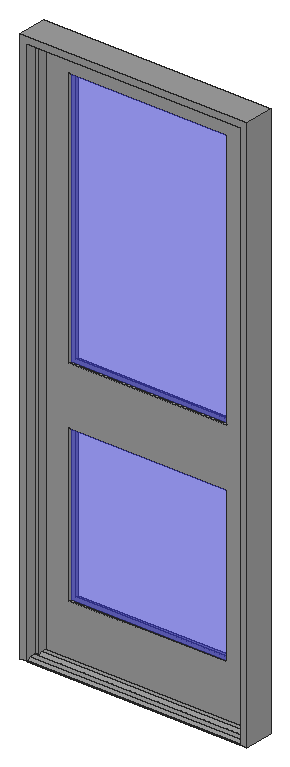
Revit family "MSD-375 DOOR-1-PD-CW_v05", category Curtain Panels, Revit 2015
Parameters
  Width [instance] = 3' - 2"
  URL = "obe.com"
  Rough Width [instance] = 3' - 3"
  Panel Width [instance] = [Min-Max Panel Width]  # 3' - 0 3/4"
  Panel Offset [instance] = 0' - 0"
  Offset [instance] = 0' - 3"
  Model = "MSD-375 DOOR"
  Min-Max Rough Width [instance] = if(and((Rough Width > 3' 2 1/4"), (Rough Width < 3' 8 1/256")), Rough Width, 3' 2 1/4")  # 3' - 3"
  Min-Max Panel Width [instance] = if(and((Rough Width > 3' 2 1/4"), (Rough Width < 3' 8 1/256")), Rough Width - 0' 2 1/4", 3' 0")  # 3' - 0 3/4"
  Manufacturer = "Oldcastle BuildingEnvelope®"
  Keynote = "08 11 00"
  Height [instance] = 8' - 0"
  Pushbar Height [instance] = 3' - 5 1/4"  # constant formula
  Glass Material = Glass
  Frame Material = Aluminum
  Door Panel Height [instance] = Height - 0' 0 3/4"  # 7' - 11 1/4"
  Description = "MSD-375 - 1\" Door Infill"
  Assembly Code = "B2030"
  Analytic Construction = "<None>"
  8 Muntin [instance] = not([6.5 Muntin])  # yes
  6.5 Muntin [instance] = no
Reference planes (in)
  plane 1 "Front": y = 0
  plane 2: z = 0
  plane 3 "Center (Left/Right)": x = 0
  plane 4 "Left": x = -19
  plane 5 "Right": x = 19
  plane 6 "Top": z = 96
  plane 7 "Offset": y = -3
  plane 8: y = -3.86965
  plane 9: y = -3.86965
  plane 10: x = -19.5
  plane 11: x = 19.5
Forms (in)
  Sweep 1, solid, material "Aluminum" <- "Frame Material"
    path origin (0, -3, 0) x (-1, 0, 0) y (0, 0, 1)
      loop
        line (19.5, 0) -> (19.5, 96)
    profile origin (-19.5, -3, 48) x (1, 0, 0) y (0, 1, 0)
      loop
        line (1.125, -1.8814) -> (1.125, 0) -> (0, 0) -> (0, -5) -> (1.125, -5) -> (1.125, -3.2564) -> (1.875, -3.2564) -> (1.875, -1.8814) -> (1.125, -1.8814)
  Sweep 2, solid, material "Aluminum" <- "Frame Material"
    path origin (0, -3, 0) x (-1, 0, 0) y (0, 0, 1)
      loop
        line (-19.5, 0) -> (-19.5, 96)
    profile origin (19.5, -3, 48) x (1, 0, 0) y (0, 1, 0)
      loop
        line (-1.125, -1.8814) -> (-1.875, -1.8814) -> (-1.875, -3.2564) -> (-1.125, -3.2564) -> (-1.125, -5) -> (0, -5) -> (0, 0) -> (-1.125, 0) -> (-1.125, -1.8814)
  Sweep 3, solid, material "Aluminum" <- "Frame Material"
    path origin (0, -3, 0) x (-1, 0, 0) y (0, 0, 1)
      loop
        line (-19.5, 96) -> (19.5, 96)
    profile origin (0, -3, 96) x (0, 0, 1) y (0, 1, 0)
      loop
        line (-1.125, 0) -> (-1.125, -1.875) -> (-1.625, -1.875) -> (-1.625, -3.24) -> (-1.125, -3.24) -> (-1.125, -5) -> (0, -5) -> (0, 0) -> (-1.125, 0)
Cuts and joins
  joined: Sweep 1, Sweep 2, Sweep 3
Text (in)
  text "Exterior" at (-54.29358, 31.38743, 0), in view "Ref. Level"
  text "Exterior" at (480, 41.53993, 89.60405), in view "Right"
  text "Exterior" at (-240, 57.82419, 105.78864), in view "Left"
Dimensions and locks (in)
  equal spacing: plane 4 "Left", plane 3 "Center (Left/Right)", plane 5 "Right"
  "Width": plane 4 "Left" to plane 5 "Right"
  "Height": plane 6 "Top" to plane 2
  "Offset": plane 1 "Front" to plane 7 "Offset"
  locked: plane 7 "Offset" to plane 8 at 0.86965
  locked: plane 7 "Offset" to plane 9 at 0.86965
  locked: plane 7 "Offset" to nested 3 at 0.86325
  locked: plane 6 "Top" to nested 3 at 2.5
  plane 7 "Offset" to nested 1 = 0' - 3"
  locked: plane 11 to nested 2 at 1.25
  locked: nested 4 to plane 10 at 1.25
  equal spacing: plane 10, plane 3 "Center (Left/Right)", plane 11
  "Min-Max Rough Width": plane 10 to plane 11
  aligned and locked: level to plane 2
  aligned and locked: plane 6 "Top" to Sweep 1 sketch curve
  aligned and locked: level to Sweep 1 sketch curve
  aligned and locked: plane 6 "Top" to Sweep 2 sketch curve
  aligned and locked: level to Sweep 2 sketch curve
  aligned and locked: nested 2 to plane 8
  aligned and locked: nested 4 to plane 9
  aligned and locked: plane 3 "Center (Left/Right)" to nested 1
  aligned and locked: plane 6 "Top" to Sweep 3 sketch curve
  aligned and locked: Sweep 1 sketch curve to plane 10
  aligned and locked: Sweep 2 sketch curve to plane 11
  aligned and locked: plane 11 to Sweep 3 sketch curve
  aligned and locked: plane 10 to Sweep 3 sketch curve
  aligned and locked: nested 1 to plane 7 "Offset"
Automatic sketch dimensions
  Sweep 1 sketch curve to profile plane = 0' - 0"
  Sweep 1 sketch curve to plane 7 "Offset" = 0' - 0"
  Sweep 1 sketch curve to profile plane = 0' - 1 1/8"  (x2)
  Sweep 1 sketch curve to Sweep 1 sketch curve = 0' - 0 3/4"
  Sweep 1 sketch curve to plane 7 "Offset" = 0' - 1.8814"
  Sweep 1 sketch curve to Sweep 1 sketch curve = 0' - 1 3/8"
  Sweep 1 sketch curve to Sweep 1 sketch curve = 0' - 1.7436"
  Sweep 2 sketch curve to plane 7 "Offset" = 0' - 0"
  Sweep 2 sketch curve to profile plane = 0' - 0"
  profile plane to Sweep 2 sketch curve = 0' - 1 1/8"
  Sweep 2 sketch curve to Sweep 2 sketch curve = 0' - 1 1/8"
  Sweep 2 sketch curve to Sweep 2 sketch curve = 0' - 0 3/4"
  Sweep 2 sketch curve to plane 7 "Offset" = 0' - 1.8814"
  Sweep 2 sketch curve to Sweep 2 sketch curve = 0' - 1 3/8"
  Sweep 2 sketch curve to Sweep 2 sketch curve = 0' - 1.7436"
  Sweep 3 sketch curve to plane 7 "Offset" = 0' - 0"
  profile plane to Sweep 3 sketch curve = 0' - 0"
  profile plane to Sweep 3 sketch curve = 0' - 1 1/8"
  Sweep 3 sketch curve to plane 7 "Offset" = 0' - 1 7/8"
  Sweep 3 sketch curve to Sweep 3 sketch curve = 0' - 0 1/2"  (x2)
  Sweep 3 sketch curve to Sweep 3 sketch curve = 0' - 1.365"
  Sweep 3 sketch curve to Sweep 3 sketch curve = 0' - 1.76"
Nested families (in)
  nested 1: "MSD-375 DOOR-1-PD-Panel_v04" at (0, -16, 0), Frame Material <- "Frame Material", Glass Material <- "Glass Material", 6.5 Muntin <- "6.5 Muntin", 8 Muntin <- "8 Muntin", Height <- "Door Panel Height", Width <- "Min-Max Panel Width", Offset <- "Offset", type "MSD-375 DOOR-1-PD-Panel"
    with built-in parameter 1001301 3' - 0 3/4", Pushbar Height 3' - 5 1/4", Offset 0' - 3", built-in parameter 1001300 7' - 11 1/4", Glass at Muntin 0' - 8 7/16", Glass Material Glass, Frame Material Aluminum, 8 Muntin yes, 6.5 Muntin no
  nested 2: "HINGE STILE-F-DI" at (20.75, -3.86965, 0) x (0, -1, 0) z (0, 0, 1), type "HINGE STILE-F-DI"
  nested 3: "TOP RAIL-F-DI" at (-33, -3.86325, 98.5) x (0, -1, 0) z (-1, 0, 0), type "TOP RAIL-F-DI"
  nested 4: "HINGE STILE-F-DI" at (-20.75, -3.86965, 0) x (0, -1, 0) z (0, 0, 1), type "HINGE STILE-F-DI"
Definition of nested family "MSD-375 DOOR-1-PD-Panel_v04"
  Parameters (values of type "MSD-375 DOOR-1-PD-Panel")
    Width [instance] = 4' - 0"
    Pushbar Height [instance] = 3' - 5 1/4"  # constant formula
    Offset [instance] = 0' - 1 255/256"
    Height [instance] = 8' - 0"
    Glass at Muntin [instance] = if([6.5 Muntin], 0' 6 15/16", 0' 8 7/16")  # 0' - 8 7/16"
    Glass Material [instance] = none
    Frame Material [instance] = none
    Analytic Construction = "<None>"
    8 Muntin [instance] = not([6.5 Muntin])  # yes
    6.5 Muntin [instance] = no
  Reference planes (in)
    plane 1 "00": y = 12.91016
    plane 2: z = 0
    plane 3 "Center (Left/Right)": x = 0
    plane 4: z = 96
    plane 5: x = -24
    plane 6: x = 24
    plane 7 "Center (Front/Back)": y = 16
    plane 8 "Exterior": y = 13.19141
    plane 9: z = 48
    plane 10: z = 92.96875
    plane 11: z = 92.281
    plane 12: z = 8.90625
    plane 13: z = 37.03125
    plane 14: z = 45.46875
    plane 15: x = -19.93725
    plane 16: x = 19.93725
    plane 17 "Offset": y = 14.00391
    plane 18: z = 41.25
  Forms (in)
    Sweep 1, solid, material <- "Frame Material"
      path origin (0, 12.91016, 0) x (1, 0, 0) y (0, 0, 1)
        loop
          line (-23.79725, 96) -> (23.79725, 96)
      profile origin (0, 12.91016, 96) x (0, 0, 1) y (0, -1, 0)
        loop
          line (-4.5, -0.957) -> (-0.375, -0.957) -> (-0.375, 0.793) -> (-4.5, 0.793) -> (-4.5, 0.5) -> (-3.719, 0.5) -> (-3.719, -0.5) -> (-4.5, -0.5) -> (-4.5, -0.957)
    Sweep 2, solid, material <- "Frame Material"
      path origin (0, 12.91016, 0) x (1, 0, 0) y (0, 0, 1)
        loop
          line (23.79725, 0) -> (-23.79725, 0)
      profile origin (0, 12.91016, 0) x (0, 0, -1) y (0, -1, 0)
        loop
          line (0, -1.707) -> (0, 3.918) -> (-0.125, 3.918) -> (-0.5, 3.168) -> (-0.5, 2.3005) -> (-0.562, 2.3005) -> (-0.844, 1.8115) -> (-0.844, 0.8165) -> (-0.5, 0.8165) -> (-0.5, -0.957) -> (-0.125, -1.707) -> (0, -1.707)
        loop
          line (-0.6875, -0.957) -> (-0.6875, 0.793) -> (-9.6875, 0.793) -> (-9.6875, 0.5) -> (-8.9065, 0.5) -> (-8.9065, -0.5) -> (-9.6875, -0.5) -> (-9.6875, -0.957) -> (-0.6875, -0.957)
    Sweep 3, solid, material <- "Frame Material"
      path origin (0, 12.91016, 0) x (1, 0, 0) y (0, 0, 1)
        loop
          line (24, 95.625) -> (24, 0.6875)
      profile origin (24, 12.91016, 48.15625) x (0, -1, 0) y (1, 0, 0)
        loop
          line (-0.957, -4.84375) -> (-0.5, -4.84375) -> (-0.5, -4.06275) -> (0.5, -4.06275) -> (0.5, -4.84375) -> (0.793, -4.84375) -> (0.793, -0.20275) -> (-0.957, -0.09375) -> (-0.957, -4.84375)
    Sweep 4, solid, material <- "Frame Material"
      path origin (0, 12.91016, 0) x (1, 0, 0) y (0, 0, 1)
        loop
          line (-24, 95.625) -> (-24, 0.6875)
      profile origin (-24, 12.91016, 48.15625) x (0, -1, 0) y (1, 0, 0)
        loop
          line (-0.957, 0.09375) -> (0.793, 0.20275) -> (0.793, 4.84375) -> (0.5, 4.84375) -> (0.5, 4.06275) -> (-0.5, 4.06275) -> (-0.5, 4.84375) -> (-0.957, 4.84375) -> (-0.957, 0.09375)
    Sweep 5, solid, material <- "Frame Material"
      path origin (0, 12.91016, 0) x (1, 0, 0) y (0, 0, 1)
        loop
          line (23.79725, 48) -> (-23.79725, 48)
      profile origin (0, 12.91016, 48) x (0, 0, -1) y (0, -1, 0)
        loop
          line (11.75025, -0.957) -> (11.75025, -0.5) -> (10.96875, -0.5) -> (10.96875, 0.5) -> (11.75025, 0.5) -> (11.75025, 0.793) -> (1.75025, 0.793) -> (1.75025, 0.5) -> (2.53125, 0.5) -> (2.53125, -0.5) -> (1.75025, -0.5) -> (1.75025, -0.957) -> (11.75025, -0.957)
    Extrusion 6, solid, material <- "Glass Material", detail levels coarse
      sketch origin (0, 0, 0) x (1, 0, 0) y (0, 1, 0)
        loop
          line (-19.93725, 13.41016) -> (-19.93725, 12.41016) -> (19.93725, 12.41016) -> (19.93725, 13.41016) -> (-19.93725, 13.41016)
      from 45.46875 to 92.281
    Extrusion 7, solid, material <- "Glass Material", detail levels medium+fine
      sketch origin (0, 0, 0) x (1, 0, 0) y (0, 1, 0)
        loop
          line (19.93725, 13.41016) -> (-19.93725, 13.41016) -> (-19.93725, 13.21016) -> (19.93725, 13.21016) -> (19.93725, 13.41016)
        loop
          line (-19.93725, 12.84016) -> (-19.93725, 12.64016) -> (19.93725, 12.64016) -> (19.93725, 12.84016) -> (-19.93725, 12.84016)
        loop
          line (19.93725, 12.61016) -> (-19.93725, 12.61016) -> (-19.93725, 12.41016) -> (19.93725, 12.41016) -> (19.93725, 12.61016)
      from 45.46875 to 92.281
    Extrusion 8, solid, material <- "Glass Material", detail levels coarse
      sketch origin (0, 0, 0) x (1, 0, 0) y (0, 1, 0)
        loop
          line (-19.93725, 13.41016) -> (-19.93725, 12.41016) -> (19.93725, 12.41016) -> (19.93725, 13.41016) -> (-19.93725, 13.41016)
      from 8.90625 to 37.03125
    Extrusion 9, solid, material <- "Glass Material", detail levels medium+fine
      sketch origin (0, 0, 0) x (1, 0, 0) y (0, 1, 0)
        loop
          line (-19.93725, 13.41406) -> (-19.93725, 13.21406) -> (19.93725, 13.21406) -> (19.93725, 13.41406) -> (-19.93725, 13.41406)
        loop
          line (19.93725, 12.84406) -> (-19.93725, 12.84406) -> (-19.93725, 12.64406) -> (19.93725, 12.64406) -> (19.93725, 12.84406)
        loop
          line (-19.93725, 12.61406) -> (-19.93725, 12.41406) -> (19.93725, 12.41406) -> (19.93725, 12.61406) -> (-19.93725, 12.61406)
      from 8.90625 to 37.03125
  Cuts and joins
    joined: Sweep 1, Sweep 2, Sweep 3, Sweep 4, Sweep 5
  Lines and regions (in)
    model lines
      curve 1: line (19.93725, 13.19141, 92.281) -> (-19.15625, 13.19141, 48)
      curve 2: line (-19.15625, 13.19141, 48) -> (19.93725, 13.19141, 8.9065)
  Dimensions and locks (in)
    equal spacing: level, plane 9, plane 4
    locked: Sweep 3 sketch curve to plane 4 at 0.375
    locked: Sweep 4 sketch curve to plane 4 at 0.375
    locked: plane 4 to plane 10 at 3.03125
    Extrusion 6 sketch curve to plane 1 "00" to Extrusion 6 sketch curve = 0' - 0 1/2" locked, 0' - 0 1/2" locked
    Extrusion 8 sketch curve to plane 1 "00" to Extrusion 8 sketch curve = 0' - 0 1/2" locked, 0' - 0 1/2" locked
    "Glass at Muntin": plane 13 to plane 14
    locked: plane 11 to plane 4 at 3.719
    plane 12 to plane 2 = 0' - 8 29/32"
    "Height": plane 4 to plane 2
    locked: plane 5 to plane 15 at 4.06275
    locked: plane 16 to plane 6 at 4.06275
    equal spacing: plane 5, plane 3 "Center (Left/Right)", plane 6
    "Width": plane 5 to plane 6
    locked: plane 14 to Sweep 5 sketch curve at 0.781  (x2)
    locked: Sweep 5 sketch curve to plane 13 at 0.7815
    locked: plane 13 to Sweep 5 sketch curve at 0.7815
    plane 1 "00" to plane 8 "Exterior" to plane 17 "Offset" = 0' - 0 9/32" locked, 0' - 0 13/16" locked
    locked: Sweep 1 sketch curve to plane 5 at 0.20275
    locked: plane 6 to Sweep 1 sketch curve at 0.20275
    locked: Sweep 5 sketch curve to plane 5 at 0.20275
    locked: plane 6 to Sweep 5 sketch curve at 0.20275
    locked: Sweep 2 sketch curve to plane 5 at 0.20275
    locked: plane 6 to Sweep 2 sketch curve at 0.20275
    equal spacing: plane 13, plane 18, plane 14
    "Pushbar Height": plane 2 to plane 18
    Extrusion 7 sketch curve to Extrusion 7 sketch curve to Extrusion 7 sketch curve to Extrusion 7 sketch curve to plane 1 "00" to Extrusion 7 sketch curve to Extrusion 7 sketch curve = 0' - 0.2" locked, 0' - 0.03" locked, 0' - 0.2" locked, 0' - 0.07" locked, 0' - 0.3" locked, 0' - 0.2" locked
    "Offset": plane 17 "Offset" to plane 7 "Center (Front/Back)"
    Extrusion 9 sketch curve to Extrusion 9 sketch curve to Extrusion 9 sketch curve to Extrusion 9 sketch curve to Extrusion 9 sketch curve to Extrusion 9 sketch curve to plane 17 "Offset" = 0' - 0.2" locked, 0' - 0.03" locked, 0' - 0.2" locked, 0' - 0.37" locked, 0' - 0.2" locked, 0' - 0 151/256" locked
    locked: plane 2 to Sweep 3 sketch curve at 0.6875
    locked: plane 2 to Sweep 4 sketch curve at 0.6875
    aligned and locked: plane 2 to level
    aligned and locked: plane 3 "Center (Left/Right)" to nested 1
    aligned and locked: Sweep 1 sketch curve to plane 4
    aligned and locked: Sweep 2 sketch curve to level
    aligned and locked: level to nested 2
    aligned and locked: Sweep 5 sketch curve to plane 9
    aligned and locked: Extrusion 7 to plane 11
    aligned and locked: Extrusion 6 to plane 11
    aligned and locked: plane 14 to Extrusion 7
    aligned and locked: plane 14 to Extrusion 6
    aligned and locked: Extrusion 8 to plane 13
    aligned and locked: Extrusion 9 to plane 13
    aligned and locked: plane 12 to Extrusion 9
    aligned and locked: plane 12 to Extrusion 8
    aligned and locked: Sweep 3 sketch curve to plane 6
    aligned and locked: Sweep 4 sketch curve to plane 5
    aligned and locked: plane 16 to Extrusion 6 sketch curve
    aligned and locked: Extrusion 6 sketch curve to plane 15
    aligned and locked: Extrusion 8 sketch curve to plane 15
    aligned and locked: plane 16 to Extrusion 8 sketch curve
    aligned and locked: nested 2 to plane 1 "00"
    aligned and locked: plane 16 to Extrusion 9  (x2)
    aligned and locked: plane 16 to Extrusion 8
    aligned and locked: plane 9 to curve 1
    aligned and locked: plane 1 "00" to nested 1
  Automatic sketch dimensions
    Sweep 4 sketch curve to profile plane = 0' - 0 3/32"
    Sweep 4 sketch curve to plane 1 "00" = 0' - 0.957"
    Sweep 4 sketch curve to Sweep 4 sketch curve = 0' - 0.457"
    plane 1 "00" to Sweep 4 sketch curve = 0' - 0 1/2"
    Sweep 4 sketch curve to Sweep 4 sketch curve = 0' - 0.293"
    Sweep 4 sketch curve to profile plane = 0' - 0.20275"
    Sweep 4 sketch curve to Sweep 4 sketch curve = 0' - 3.86"
    Sweep 4 sketch curve to Sweep 4 sketch curve = 0' - 0.781"  (x2)
    profile plane to Sweep 3 sketch curve = 0' - 0 3/32"
    Sweep 3 sketch curve to plane 1 "00" = 0' - 0.957"
    Sweep 3 sketch curve to Sweep 3 sketch curve = 0' - 0.457"
    plane 1 "00" to Sweep 3 sketch curve = 0' - 0 1/2"
    Sweep 3 sketch curve to Sweep 3 sketch curve = 0' - 0.293"
    profile plane to Sweep 3 sketch curve = 0' - 0.20275"
    Sweep 3 sketch curve to Sweep 3 sketch curve = 0' - 3.86"
    Sweep 3 sketch curve to Sweep 3 sketch curve = 0' - 0.781"  (x2)
    Sweep 1 sketch curve to plane 1 "00" = 0' - 0.957"
    profile plane to Sweep 1 sketch curve = 0' - 4 1/2"
    Sweep 1 sketch curve to Sweep 1 sketch curve = 0' - 0"
    Sweep 1 sketch curve to Sweep 1 sketch curve = 0' - 0.781"
    profile plane to Sweep 1 sketch curve = 0' - 0 3/8"
    Sweep 1 sketch curve to Sweep 1 sketch curve = 0' - 0.457"
    plane 1 "00" to Sweep 1 sketch curve = 0' - 0 1/2"
    Sweep 1 sketch curve to Sweep 1 sketch curve = 0' - 0.293"
    Sweep 5 sketch curve to Sweep 5 sketch curve = 0' - 0.781"
    Sweep 5 sketch curve to Sweep 5 sketch curve = 0' - 0.7815"
    Sweep 5 sketch curve to plane 1 "00" = 0' - 0.957"
    Sweep 5 sketch curve to Sweep 5 sketch curve = 0' - 0.457"  (x2)
    plane 1 "00" to Sweep 5 sketch curve = 0' - 0 1/2"  (x2)
    Sweep 5 sketch curve to Sweep 5 sketch curve = 0' - 0.293"
    profile plane to Sweep 2 sketch curve = 0' - 0 1/2"
    Sweep 2 sketch curve to plane 1 "00" = 0' - 0.957"  (x2)
    Sweep 2 sketch curve to Sweep 2 sketch curve = 0' - 0 1/8"
    Sweep 2 sketch curve to Sweep 2 sketch curve = 0' - 0 3/4"
    plane 1 "00" to Sweep 2 sketch curve = 0' - 3.918"
    profile plane to Sweep 2 sketch curve = 0' - 0 1/8"
    Sweep 2 sketch curve to Sweep 2 sketch curve = 0' - 1.6175"
    Sweep 2 sketch curve to Sweep 2 sketch curve = 0' - 0.282"
    Sweep 2 sketch curve to Sweep 2 sketch curve = 0' - 0.062"
    Sweep 2 sketch curve to Sweep 2 sketch curve = 0' - 0.489"
    Sweep 2 sketch curve to Sweep 2 sketch curve = 0' - 0.8675"
    plane 1 "00" to Sweep 2 sketch curve = 0' - 0.793"
    Sweep 2 sketch curve to Sweep 2 sketch curve = 0' - 0"
    Sweep 2 sketch curve to Sweep 2 sketch curve = 0' - 0.293"
    Sweep 2 sketch curve to Sweep 2 sketch curve = 0' - 0.457"
    Sweep 2 sketch curve to Sweep 2 sketch curve = 0' - 0.781"
    Sweep 2 sketch curve to profile plane = 0' - 0"
    Extrusion 9 sketch curve to plane 15 = 0' - 0"  (x3)
    Extrusion 9 sketch curve to plane 16 = 0' - 0"  (x3)
    Extrusion 7 sketch curve to plane 15 = 0' - 0"  (x3)
    Extrusion 7 sketch curve to plane 16 = 0' - 0"  (x3)
    Sweep 2 sketch curve to Sweep 2 sketch curve = 0' - 0.1565"
    Sweep 2 sketch curve to Sweep 2 sketch curve = 0' - 0.0235"
    Sweep 2 sketch curve to Sweep 2 sketch curve = 0' - 0 3/16"
    Sweep 2 sketch curve to Sweep 2 sketch curve = 0' - 8 1/16"
    curve 2 to plane 16 = 0' - 0"
    curve 1 to plane 11 = 0' - 0"
    curve 1 to plane 16 = 0' - 0"
    plane 15 to curve 2 = 0' - 0.781"
    curve 2 to plane 12 = 0' - 0.00025"
  Nested families (in)
    nested 1: "MSD-375 DOOR-1-PD-Plan View_v02" at (0, 12.91016, 0), Width <- "Width", type "MSD-375 DOOR-1-PD-Plan View_v02"
      with Width 4' - 0"
    nested 2: "MSD-375 DOOR-1-PD-Section_v02" at (0, 12.91016, 0) x (0, -1, 0) z (1, 0, 0), Height <- "Height", 8 Muntin <- "8 Muntin", 6.5 Muntin <- "6.5 Muntin", type "MSD-375 DOOR-1-PD-Section_v02"
      with Pushbar Height 3' - 5 1/4", Height 8' - 0", Glass at Muntins 0' - 8 7/16", 8 Muntin yes, 6.5 Muntin no
  Definition of nested family "MSD-375 DOOR-1-PD-Plan View_v02"
    Parameters (values of type "MSD-375 DOOR-1-PD-Plan View_v02")
      Width [instance] = 4' - 0"
    Reference planes (in)
      plane 1 "Center (Front/Back)": y = 0
      plane 2: z = 0
      plane 3 "Center (Left/Right)": x = 0
      plane 4: x = -24
      plane 5: x = 24
      plane 6: x = 22.5625
      plane 7: y = 49.34375
      plane 8: y = 45.18725
      plane 9: x = 19.93725
      plane 10: y = 5.31275
      plane 11: x = -19.93725
      plane 12: x = 23.90625
      plane 13: y = 1.34375
      plane 14: x = -23.90625
    Lines and regions (in)
      detail lines, in view "Ref. Level"
        curve 1: arc (23.5195, 49.15625, 0) -> (-10.17577, 34.87882, 0) -> (-23.90625, 0.957, 0) r 47.81406
    Dimensions and locks (in)
      equal spacing: plane 4, plane 3 "Center (Left/Right)", plane 5
      "Width": plane 4 to plane 5
      "Width": plane 13 to plane 7
      locked: plane 7 to nested 2 at 2.2805
      locked: plane 8 to plane 7 at 4.1565
      locked: plane 1 "Center (Front/Back)" to plane 13 at 1.34375
      locked: plane 12 to plane 5 at 0.09375
      locked: plane 5 to nested 3 at 2.59325
      locked: nested 4 to plane 1 "Center (Front/Back)" at 1.34325
      locked: plane 1 "Center (Front/Back)" to plane 10 at 5.31275
      locked: plane 9 to plane 5 at 4.06275
      locked: plane 4 to plane 14 at 0.09375
      locked: plane 4 to plane 11 at 4.06275
      locked: nested 1 to plane 4 at 2.59325
      locked: plane 6 to plane 5 at 1.4375
      aligned and locked: nested 1 to plane 1 "Center (Front/Back)"
      aligned and locked: plane 6 to nested 2
      aligned and locked: plane 6 to nested 4
      aligned and locked: plane 1 "Center (Front/Back)" to nested 6
      aligned and locked: plane 11 to nested 6
      aligned and locked: plane 9 to nested 6
      aligned and locked: plane 6 to nested 5
      aligned and locked: nested 5 to plane 10
      aligned and locked: plane 8 to nested 5
      aligned and locked: curve 1 to nested 1
    Automatic sketch dimensions
      curve 1 to plane 14 = 0' - 0"
      curve 1 to plane 12 = 0' - 0"
      plane 13 to curve 1 = 0' - 0"
      plane 7 to curve 1 = 0' - 0 3/16"
    Nested families (in)
      nested 1: "HINGE STILE-DI" at (-26.59325, 0, 0), type "HINGE STILE-DI", in view "Ref. Level", not visible
      nested 2: "HINGE-PD-DI" at (22.5625, 51.62425, 0) x (0, -1, 0) z (0, 0, 1), type "HINGE-PD-DI", in view "Ref. Level"
      nested 3: "HINGE STILE-DI" at (26.59325, 0, 0) x (-1, 0, 0) z (0, 0, 1), type "HINGE STILE-DI", in view "Ref. Level", not visible
      nested 4: "HINGE STILE-DI" at (22.5625, -1.34325, 0) x (0, 1, 0) z (0, 0, 1), type "HINGE STILE-DI", in view "Ref. Level"
      nested 5: "Glass-DI" at (22.5625, 5.31275, 0) x (0, 1, 0) z (0, 0, 1), type "Glass-DI", in view "Ref. Level"
        with Glass Width 3' - 3.8745"
      nested 6: "Glass-DI" at (-19.93725, 0, 0), type "Glass-DI", in view "Ref. Level", not visible
        with Glass Width 3' - 3.8745"
    Definition of nested family "HINGE STILE-DI"
      Reference planes (in)
        plane 1 "Center (Front/Back)": y = 0
        plane 2: z = 0
        plane 3 "Center (Left/Right)": x = 0
    Definition of nested family "HINGE-PD-DI"
      Reference planes (in)
        plane 1 "Center (Front/Back)": y = 0
        plane 2: z = 0
        plane 3 "Center (Left/Right)": x = 0
      Lines and regions (in)
        detail lines, in view "Ref. Level"
          curve 1: line (2.468, -0.957, 0) -> (7.218, -0.957, 0)
          curve 2: line (7.218, -0.957, 0) -> (7.218, -0.5, 0)
          curve 3: line (7.218, -0.5, 0) -> (6.437, -0.5, 0)
          curve 4: line (6.437, -0.5, 0) -> (6.437, 0.5, 0)
          curve 5: line (6.437, 0.5, 0) -> (7.218, 0.5, 0)
          curve 6: line (7.218, 0.5, 0) -> (7.218, 0.793, 0)
          curve 7: line (7.218, 0.793, 0) -> (2.69446, 0.793, 0)
          curve 8: arc (2.69446, 0.793, 0) -> (2.60886, 0.75909, 0) -> (2.5697, 0.67577, 0) r 0.125
          curve 9: line (2.5697, 0.67577, 0) -> (2.468, -0.957, 0)
    Definition of nested family "Glass-DI"
      Parameters (values of type "Glass-DI")
        Glass Width [instance] = 1' - 1.156"
      Reference planes (in)
        plane 1 "Center (Front/Back)": y = 0
        plane 2: z = 0
        plane 3 "Center (Left/Right)": x = 0
        plane 4: x = 13.156
      Lines and regions (in)
        detail lines, in view "Ref. Level"
          curve 1: line (0, -0.5, 0) -> (13.156, -0.5, 0)
          curve 14: line (0, 0.5, 0) -> (13.156, 0.5, 0)
        detail lines, in view "Ref. Level", detail levels fine
          curve 2: line (0, -0.45, 0) -> (13.156, -0.45, 0)
          curve 3: line (0, -0.4, 0) -> (13.156, -0.4, 0)
          curve 4: line (0, -0.35, 0) -> (13.156, -0.35, 0)
          curve 7: line (0, 0.12, 0) -> (13.156, 0.12, 0)
          curve 8: line (0, 0.17, 0) -> (13.156, 0.17, 0)
          curve 9: line (0, 0.22, 0) -> (13.156, 0.22, 0)
          curve 11: line (0, 0.35, 0) -> (13.156, 0.35, 0)
          curve 12: line (0, 0.4, 0) -> (13.156, 0.4, 0)
          curve 13: line (0, 0.45, 0) -> (13.156, 0.45, 0)
        detail lines, in view "Ref. Level", detail levels medium+fine
          curve 5: line (0, -0.3, 0) -> (13.156, -0.3, 0)
          curve 6: line (0, 0.07, 0) -> (13.156, 0.07, 0)
          curve 10: line (0, 0.27, 0) -> (13.156, 0.27, 0)
          curve 15: line (0, 0.3, 0) -> (13.156, 0.3, 0)
      Dimensions and locks (in)
        "Glass Width": plane 3 "Center (Left/Right)" to plane 4
        aligned and locked: plane 4 to curve 1
        aligned and locked: plane 4 to curve 2
        aligned and locked: plane 4 to curve 3
        aligned and locked: plane 4 to curve 4
        aligned and locked: plane 4 to curve 5
        aligned and locked: plane 4 to curve 6
        aligned and locked: plane 4 to curve 7
        aligned and locked: plane 4 to curve 8
        aligned and locked: plane 4 to curve 9
        aligned and locked: plane 4 to curve 10
        aligned and locked: plane 4 to curve 15
        aligned and locked: plane 4 to curve 11
        aligned and locked: plane 4 to curve 12
        aligned and locked: plane 4 to curve 13
        aligned and locked: plane 4 to curve 14
        aligned and locked: plane 3 "Center (Left/Right)" to curve 2
        aligned and locked: plane 3 "Center (Left/Right)" to curve 1
        aligned and locked: plane 3 "Center (Left/Right)" to curve 5
        aligned and locked: plane 3 "Center (Left/Right)" to curve 4
        aligned and locked: plane 3 "Center (Left/Right)" to curve 3
        aligned and locked: plane 3 "Center (Left/Right)" to curve 7
        aligned and locked: plane 3 "Center (Left/Right)" to curve 6
        aligned and locked: plane 3 "Center (Left/Right)" to curve 8
        aligned and locked: plane 3 "Center (Left/Right)" to curve 10
        aligned and locked: plane 3 "Center (Left/Right)" to curve 9
        aligned and locked: plane 3 "Center (Left/Right)" to curve 15
        aligned and locked: plane 3 "Center (Left/Right)" to curve 13
        aligned and locked: plane 3 "Center (Left/Right)" to curve 12
        aligned and locked: plane 3 "Center (Left/Right)" to curve 11
        aligned and locked: plane 3 "Center (Left/Right)" to curve 14
      Automatic sketch dimensions
        plane 1 "Center (Front/Back)" to curve 1 = 0' - 0 1/2"
        curve 15 to plane 1 "Center (Front/Back)" = 0' - 0.3"
        curve 1 to curve 2 = 0' - 0.05"
        curve 2 to curve 3 = 0' - 0.05"
        curve 3 to curve 4 = 0' - 0.05"
        curve 4 to curve 5 = 0' - 0.05"
        curve 6 to plane 1 "Center (Front/Back)" = 0' - 0.07"
        curve 6 to curve 7 = 0' - 0.05"
        curve 7 to curve 8 = 0' - 0.05"
        curve 8 to curve 9 = 0' - 0.05"
        curve 10 to curve 15 = 0' - 0.03"
        curve 15 to curve 11 = 0' - 0.05"
        curve 11 to curve 12 = 0' - 0.05"
        curve 12 to curve 13 = 0' - 0.05"
        curve 13 to curve 14 = 0' - 0.05"
  Definition of nested family "MSD-375 DOOR-1-PD-Section_v02"
    Parameters (values of type "MSD-375 DOOR-1-PD-Section_v02")
      Pushbar Height [instance] = 3' - 5 1/4"  # constant formula
      Height [instance] = 7' - 0"
      Glass at Muntins [instance] = if([6.5 Muntin], 0' 6 15/16", 0' 8 7/16")  # 0' - 8 7/16"
      8 Muntin [instance] = not([6.5 Muntin])  # yes
      6.5 Muntin [instance] = no
    Reference planes (in)
      plane 1 "Center (Front/Back)": y = 0
      plane 2: z = 0
      plane 3 "Center (Left/Right)": x = 0
      plane 4: y = 8.9065
      plane 5: y = 80.281
      plane 6: y = 84
      plane 7: y = 45.46875
      plane 8: y = 37.03125
      plane 9: y = 46.24975
      plane 10: y = 41.25
    Dimensions and locks (in)
      locked: plane 4 to plane 1 "Center (Front/Back)" at 8.9065
      "Height": plane 6 to plane 1 "Center (Front/Back)"
      locked: plane 7 to plane 9 at 0.781
      "Glass at Muntins": plane 8 to plane 7
      nested 1 to plane 6 to plane 5 = 0' - 3 1/4" locked, 0' - 3.719" locked
      equal spacing: plane 8, plane 10, plane 7
      "Pushbar Height": plane 1 "Center (Front/Back)" to plane 10
      aligned and locked: plane 3 "Center (Left/Right)" to nested 1
      aligned and locked: plane 3 "Center (Left/Right)" to nested 2
      aligned and locked: plane 9 to nested 3
      aligned and locked: plane 3 "Center (Left/Right)" to nested 3
      aligned and locked: plane 9 to nested 4
      aligned and locked: plane 3 "Center (Left/Right)" to nested 4
      aligned and locked: plane 4 to nested 5
      aligned and locked: plane 8 to nested 5
      aligned and locked: nested 5 to plane 3 "Center (Left/Right)"
      aligned and locked: nested 6 to plane 5
      aligned and locked: nested 6 to plane 3 "Center (Left/Right)"
      aligned and locked: plane 1 "Center (Front/Back)" to nested 2
      aligned and locked: nested 6 to plane 7
    Nested families (in)
      nested 1: "TOP RAIL-DI" at (0, 87.25, 0), type "TOP RAIL-DI", in view "Ref. Level"
      nested 2: "BOTTOM RAIL-DI" at (0, 9.6875, 0), type "BOTTOM RAIL-DI", in view "Ref. Level"
      nested 3: "6.5 MUNTIN-DI" at (0, 46.24975, 0), visible <- "6.5 Muntin", type "6.5 MUNTIN-DI", in view "Ref. Level"
      nested 4: "8 MUNTIN-DI" at (0, 46.24975, 0), visible <- "8 Muntin", type "8 MUNTIN-DI", in view "Ref. Level"
      nested 5: "Glass-DI" at (0, 37.03125, 0) x (0, -1, 0) z (0, 0, 1), type "Glass-DI", in view "Ref. Level"
        with Glass Width 2' - 4.12475"
      nested 6: "Glass-DI" at (0, 80.281, 0) x (0, -1, 0) z (0, 0, 1), type "Glass-DI", in view "Ref. Level"
        with Glass Width 2' - 10.81225"
    Definition of nested family "TOP RAIL-DI"
      Reference planes (in)
        plane 1 "Center (Front/Back)": y = 0
        plane 2: z = 0
        plane 3 "Center (Left/Right)": x = 0
      Lines and regions (in)
        detail lines, in view "Ref. Level"
          curve 1: line (-0.957, -7.75, 0) -> (-0.957, -3.75, 0)
          curve 2: line (-0.957, -3.75, 0) -> (0.793, -3.75, 0)
          curve 3: line (0.793, -3.75, 0) -> (0.793, -7.75, 0)
          curve 4: line (0.793, -7.75, 0) -> (0.5, -7.75, 0)
          curve 5: line (0.5, -7.75, 0) -> (0.5, -6.969, 0)
          curve 6: line (0.5, -6.969, 0) -> (-0.5, -6.969, 0)
          curve 7: line (-0.5, -6.969, 0) -> (-0.5, -7.75, 0)
          curve 8: line (-0.5, -7.75, 0) -> (-0.957, -7.75, 0)
    Definition of nested family "BOTTOM RAIL-DI"
      Reference planes (in)
        plane 1 "Center (Front/Back)": y = 0
        plane 2: z = 0
        plane 3 "Center (Left/Right)": x = 0
      Lines and regions (in)
        detail lines, in view "Ref. Level"
          curve 1: line (-0.957, -9.1875, 0) -> (-0.957, 0, 0)
          curve 2: line (-0.957, 0, 0) -> (-0.5, 0, 0)
          curve 3: line (-0.5, 0, 0) -> (-0.5, -0.781, 0)
          curve 4: line (-0.5, -0.781, 0) -> (0.5, -0.781, 0)
          curve 5: line (0.5, -0.781, 0) -> (0.5, 0, 0)
          curve 6: line (0.5, 0, 0) -> (0.793, 0, 0)
          curve 7: line (0.793, 0, 0) -> (0.793, -9.1875, 0)
          curve 8: line (0.793, -9, 0) -> (-0.957, -9, 0)
          curve 9: line (0.793, -9.1875, 0) -> (3.168, -9.1875, 0)
          curve 10: line (3.168, -9.1875, 0) -> (3.918, -9.5625, 0)
          curve 11: line (3.918, -9.5625, 0) -> (3.918, -9.6875, 0)
          curve 12: line (3.918, -9.6875, 0) -> (-1.707, -9.6875, 0)
          curve 13: line (-1.707, -9.6875, 0) -> (-1.707, -9.5625, 0)
          curve 14: line (-1.707, -9.5625, 0) -> (-0.957, -9.1875, 0)
    Definition of nested family "6.5 MUNTIN-DI"
      Reference planes (in)
        plane 1 "Center (Front/Back)": y = 0
        plane 2: z = 0
        plane 3 "Center (Left/Right)": x = 0
      Lines and regions (in)
        detail lines, in view "Ref. Level"
          curve 1: line (0.793, 0, 0) -> (0.793, -8.5, 0)
          curve 2: line (0.793, -8.5, 0) -> (0.5, -8.5, 0)
          curve 3: line (0.5, -8.5, 0) -> (0.5, -7.719, 0)
          curve 4: line (0.5, -7.719, 0) -> (-0.5, -7.719, 0)
          curve 5: line (-0.5, -7.719, 0) -> (-0.5, -8.5, 0)
          curve 6: line (-0.5, -8.5, 0) -> (-0.957, -8.5, 0)
          curve 7: line (-0.957, -8.5, 0) -> (-0.957, 0, 0)
          curve 8: line (-0.957, 0, 0) -> (-0.5, 0, 0)
          curve 9: line (-0.5, 0, 0) -> (-0.5, -0.781, 0)
          curve 10: line (-0.5, -0.781, 0) -> (0.5, -0.781, 0)
          curve 11: line (0.5, -0.781, 0) -> (0.5, 0, 0)
          curve 12: line (0.5, 0, 0) -> (0.793, 0, 0)
    Definition of nested family "8 MUNTIN-DI"
      Reference planes (in)
        plane 1 "Center (Front/Back)": y = 0
        plane 2: z = 0
        plane 3 "Center (Left/Right)": x = 0
      Lines and regions (in)
        detail lines, in view "Ref. Level"
          curve 1: line (0.793, 0, 0) -> (0.793, -10, 0)
          curve 2: line (0.793, -10, 0) -> (0.5, -10, 0)
          curve 3: line (0.5, -10, 0) -> (0.5, -9.219, 0)
          curve 4: line (0.5, -9.219, 0) -> (-0.5, -9.219, 0)
          curve 5: line (-0.5, -9.219, 0) -> (-0.5, -10, 0)
          curve 6: line (-0.5, -10, 0) -> (-0.957, -10, 0)
          curve 7: line (-0.957, -10, 0) -> (-0.957, 0, 0)
          curve 8: line (-0.957, 0, 0) -> (-0.5, 0, 0)
          curve 9: line (-0.5, 0, 0) -> (-0.5, -0.781, 0)
          curve 10: line (-0.5, -0.781, 0) -> (0.5, -0.781, 0)
          curve 11: line (0.5, -0.781, 0) -> (0.5, 0, 0)
          curve 12: line (0.5, 0, 0) -> (0.793, 0, 0)
    Definition of nested family "Glass-DI"
      Parameters (values of type "Glass-DI")
        Glass Width [instance] = 1' - 1.156"
      Reference planes (in)
        plane 1 "Center (Front/Back)": y = 0
        plane 2: z = 0
        plane 3 "Center (Left/Right)": x = 0
        plane 4: x = 13.156
      Lines and regions (in)
        detail lines, in view "Ref. Level"
          curve 1: line (0, -0.5, 0) -> (13.156, -0.5, 0)
          curve 14: line (0, 0.5, 0) -> (13.156, 0.5, 0)
        detail lines, in view "Ref. Level", detail levels fine
          curve 2: line (0, -0.45, 0) -> (13.156, -0.45, 0)
          curve 3: line (0, -0.4, 0) -> (13.156, -0.4, 0)
          curve 4: line (0, -0.35, 0) -> (13.156, -0.35, 0)
          curve 7: line (0, 0.12, 0) -> (13.156, 0.12, 0)
          curve 8: line (0, 0.17, 0) -> (13.156, 0.17, 0)
          curve 9: line (0, 0.22, 0) -> (13.156, 0.22, 0)
          curve 11: line (0, 0.35, 0) -> (13.156, 0.35, 0)
          curve 12: line (0, 0.4, 0) -> (13.156, 0.4, 0)
          curve 13: line (0, 0.45, 0) -> (13.156, 0.45, 0)
        detail lines, in view "Ref. Level", detail levels medium+fine
          curve 5: line (0, -0.3, 0) -> (13.156, -0.3, 0)
          curve 6: line (0, 0.07, 0) -> (13.156, 0.07, 0)
          curve 10: line (0, 0.27, 0) -> (13.156, 0.27, 0)
          curve 15: line (0, 0.3, 0) -> (13.156, 0.3, 0)
      Dimensions and locks (in)
        "Glass Width": plane 3 "Center (Left/Right)" to plane 4
        aligned and locked: plane 4 to curve 1
        aligned and locked: plane 4 to curve 2
        aligned and locked: plane 4 to curve 3
        aligned and locked: plane 4 to curve 4
        aligned and locked: plane 4 to curve 5
        aligned and locked: plane 4 to curve 6
        aligned and locked: plane 4 to curve 7
        aligned and locked: plane 4 to curve 8
        aligned and locked: plane 4 to curve 9
        aligned and locked: plane 4 to curve 10
        aligned and locked: plane 4 to curve 15
        aligned and locked: plane 4 to curve 11
        aligned and locked: plane 4 to curve 12
        aligned and locked: plane 4 to curve 13
        aligned and locked: plane 4 to curve 14
        aligned and locked: plane 3 "Center (Left/Right)" to curve 2
        aligned and locked: plane 3 "Center (Left/Right)" to curve 1
        aligned and locked: plane 3 "Center (Left/Right)" to curve 5
        aligned and locked: plane 3 "Center (Left/Right)" to curve 4
        aligned and locked: plane 3 "Center (Left/Right)" to curve 3
        aligned and locked: plane 3 "Center (Left/Right)" to curve 7
        aligned and locked: plane 3 "Center (Left/Right)" to curve 6
        aligned and locked: plane 3 "Center (Left/Right)" to curve 8
        aligned and locked: plane 3 "Center (Left/Right)" to curve 10
        aligned and locked: plane 3 "Center (Left/Right)" to curve 9
        aligned and locked: plane 3 "Center (Left/Right)" to curve 15
        aligned and locked: plane 3 "Center (Left/Right)" to curve 13
        aligned and locked: plane 3 "Center (Left/Right)" to curve 12
        aligned and locked: plane 3 "Center (Left/Right)" to curve 11
        aligned and locked: plane 3 "Center (Left/Right)" to curve 14
      Automatic sketch dimensions
        plane 1 "Center (Front/Back)" to curve 1 = 0' - 0 1/2"
        curve 15 to plane 1 "Center (Front/Back)" = 0' - 0.3"
        curve 1 to curve 2 = 0' - 0.05"
        curve 2 to curve 3 = 0' - 0.05"
        curve 3 to curve 4 = 0' - 0.05"
        curve 4 to curve 5 = 0' - 0.05"
        curve 6 to plane 1 "Center (Front/Back)" = 0' - 0.07"
        curve 6 to curve 7 = 0' - 0.05"
        curve 7 to curve 8 = 0' - 0.05"
        curve 8 to curve 9 = 0' - 0.05"
        curve 10 to curve 15 = 0' - 0.03"
        curve 15 to curve 11 = 0' - 0.05"
        curve 11 to curve 12 = 0' - 0.05"
        curve 12 to curve 13 = 0' - 0.05"
        curve 13 to curve 14 = 0' - 0.05"
Definition of nested family "HINGE STILE-F-DI"
  Reference planes (in)
    plane 1 "Center (Front/Back)": y = 0
    plane 2: z = 0
    plane 3 "Center (Left/Right)": x = 0
  Lines and regions (in)
    detail lines, in view "Ref. Level"
      curve 1: line (4.13035, -1.25, 0) -> (4.13035, -2.375, 0)
      curve 2: line (4.13035, -2.375, 0) -> (2.38675, -2.375, 0)
      curve 3: line (2.38675, -2.375, 0) -> (2.38675, -3.125, 0)
      curve 4: line (2.38675, -3.125, 0) -> (1.01175, -3.125, 0)
      curve 5: line (1.01175, -3.125, 0) -> (1.01175, -2.375, 0)
      curve 6: line (1.01175, -2.375, 0) -> (-0.86965, -2.375, 0)
      curve 7: line (-0.86965, -2.375, 0) -> (-0.86965, -1.25, 0)
      curve 8: line (-0.86965, -1.25, 0) -> (4.13035, -1.25, 0)
Definition of nested family "TOP RAIL-F-DI"
  Reference planes (in)
    plane 1 "Center (Front/Back)": y = 0
    plane 2: z = 0
    plane 3 "Center (Left/Right)": x = 0
  Lines and regions (in)
    detail lines, in view "Ref. Level"
      curve 1: line (-0.86325, -2.5, 0) -> (4.13675, -2.5, 0)
      curve 2: line (4.13675, -2.5, 0) -> (4.13675, -3.625, 0)
      curve 3: line (4.13675, -3.625, 0) -> (2.37675, -3.625, 0)
      curve 4: line (2.37675, -3.625, 0) -> (2.37675, -4.125, 0)
      curve 5: line (2.37675, -4.125, 0) -> (1.01175, -4.125, 0)
      curve 6: line (1.01175, -4.125, 0) -> (1.01175, -3.625, 0)
      curve 7: line (1.01175, -3.625, 0) -> (-0.86325, -3.625, 0)
      curve 8: line (-0.86325, -3.625, 0) -> (-0.86325, -2.5, 0)
